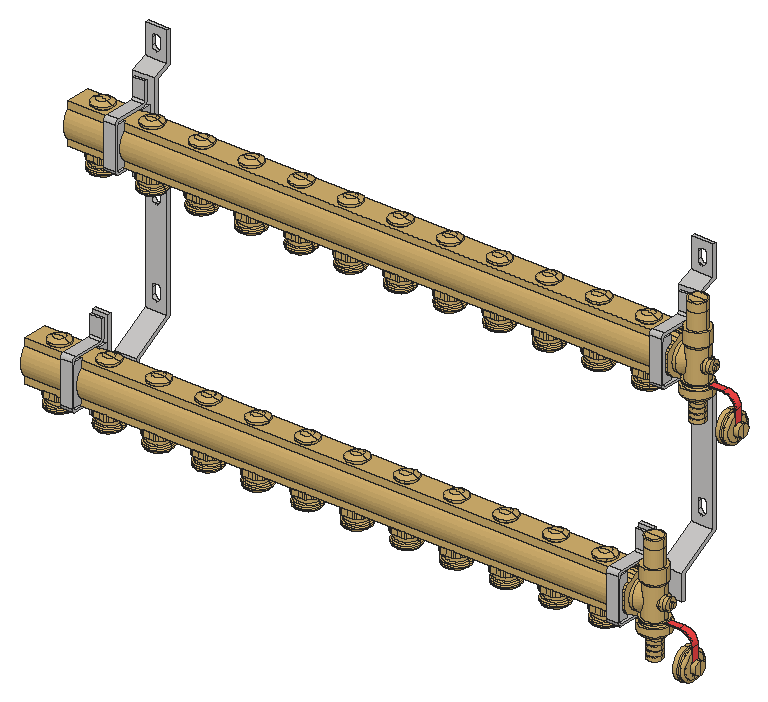
Revit family "Manifold FHF-B_2-12_RFA", category Pipe Accessories, Revit 2019 (continued)
Definition of nested family "_FHF-EA_EM"
  Automatic sketch dimensions
    plane 6 to Revolve 10 sketch curve = 0 mm  (x2)
    Revolve 10 sketch curve to plane 6 = 6 mm
    Revolve 10 sketch curve to Revolve 10 sketch curve = 2.522 mm
    Revolve 10 sketch curve to Revolve 10 sketch curve = 2.471 mm
    Revolve 10 sketch curve to Revolve 10 sketch curve = 0.522 mm
    Revolve 10 sketch curve to Revolve 10 sketch curve = 0.143 mm
    Revolve 10 sketch curve to Revolve 10 sketch curve = 10 mm
    Revolve 10 sketch curve to Revolve 10 sketch curve = 6.164 mm
    Revolve 10 sketch curve to Revolve 10 sketch curve = 5.813 mm
    Revolve 10 sketch curve to Revolve 10 sketch curve = 0.001 mm
    Revolve 10 sketch curve to Revolve 10 sketch curve = 0 mm  (x2)
    Revolve 11 sketch curve to level = 0 mm  (x2)
    plane 3 "Center (Left/Right)" to Revolve 11 sketch curve = 19.487 mm
    Revolve 11 sketch curve to Revolve 11 sketch curve = 4.111 mm
    Revolve 11 sketch curve to Revolve 11 sketch curve = 9.817 mm
    Revolve 11 sketch curve to Revolve 11 sketch curve = 11.642 mm
    Revolve 11 sketch curve to Revolve 11 sketch curve = 1.53 mm
    Revolve 11 sketch curve to Revolve 11 sketch curve = 4.1 mm
    Revolve 11 sketch curve to Revolve 11 sketch curve = 2.909 mm
    level to Revolve 11 sketch curve = 2.5 mm
    Revolve 11 sketch curve to Revolve 11 sketch curve = 3.5 mm
    level to Revolve 11 sketch curve = 7.53 mm
    Revolve 11 sketch curve to Revolve 11 sketch curve = 7.132 mm
    Revolve 11 sketch curve to Revolve 11 sketch curve = 0 mm  (x2)
    Revolve 12 sketch curve to level = 0 mm  (x2)
    Revolve 12 sketch curve to plane 3 "Center (Left/Right)" = 0 mm  (x2)
    level to Revolve 12 sketch curve = 1.109 mm
    plane 3 "Center (Left/Right)" to Revolve 12 sketch curve = 19.166 mm
    Revolve 12 sketch curve to Revolve 12 sketch curve = 0.32 mm
    Revolve 12 sketch curve to Revolve 12 sketch curve = 14.874 mm
    Revolve 12 sketch curve to Revolve 12 sketch curve = 0 mm
    plane 3 "Center (Left/Right)" to Revolve 13 sketch curve = 18.583 mm
    plane 3 "Center (Left/Right)" to Revolve 13 sketch curve = 19.532 mm
    Revolve 13 sketch curve to Revolve 13 sketch curve = 3.814 mm
    Revolve 13 sketch curve to Revolve 13 sketch curve = 7.283 mm
    Revolve 13 sketch curve to Revolve 13 sketch curve = 7.643 mm
    Revolve 13 sketch curve to Revolve 13 sketch curve = 10 mm
    level to Revolve 13 sketch curve = 29.7 mm
    Revolve 13 sketch curve to Revolve 13 sketch curve = 1.522 mm
    Revolve 13 sketch curve to Revolve 13 sketch curve = 0 mm  (x3)
    plane 6 to Revolve 14 sketch curve = 0 mm  (x2)
    Revolve 14 sketch curve to plane 6 = 6.04 mm
    Revolve 14 sketch curve to Revolve 14 sketch curve = 9.96 mm
    Revolve 14 sketch curve to Revolve 14 sketch curve = 8.745 mm
    Revolve 14 sketch curve to Revolve 14 sketch curve = 0 mm  (x2)
    Sweep 16 sketch curve to plane 6 = 18 mm
    Sweep 16 sketch curve to plane 6 = 5.032 mm
    Sweep 16 sketch curve to Sweep 16 sketch curve = 17.328 mm
    profile plane to Sweep 16 sketch curve = 1.008 mm  (x2)
    profile plane to Sweep 16 sketch curve = 0.008 mm
    profile plane to Sweep 16 sketch curve = 0.007 mm
    Sweep 16 sketch curve to plane 1 "Center (Front/Back)" = 3.534 mm
    plane 1 "Center (Front/Back)" to Sweep 16 sketch curve = 3.534 mm
    Revolve 17 sketch curve to level = 0 mm  (x2)
    Revolve 17 sketch curve to plane 3 "Center (Left/Right)" = 0 mm  (x2)
    level to Revolve 17 sketch curve = 1.109 mm
    plane 3 "Center (Left/Right)" to Revolve 17 sketch curve = 19.166 mm
    Revolve 17 sketch curve to Revolve 17 sketch curve = 0.32 mm
    Revolve 17 sketch curve to Revolve 17 sketch curve = 14.874 mm
    Revolve 17 sketch curve to Revolve 17 sketch curve = 0 mm
    plane 3 "Center (Left/Right)" to Revolve 18 sketch curve = 18.583 mm
    plane 3 "Center (Left/Right)" to Revolve 18 sketch curve = 19.532 mm
    Revolve 18 sketch curve to Revolve 18 sketch curve = 3.814 mm
    Revolve 18 sketch curve to Revolve 18 sketch curve = 7.283 mm
    Revolve 18 sketch curve to Revolve 18 sketch curve = 7.643 mm
    Revolve 18 sketch curve to Revolve 18 sketch curve = 10 mm
    level to Revolve 18 sketch curve = 29.7 mm
    Revolve 18 sketch curve to Revolve 18 sketch curve = 1.522 mm
    Revolve 18 sketch curve to Revolve 18 sketch curve = 0 mm  (x3)
    plane 6 to Revolve 19 sketch curve = 0 mm  (x2)
    Revolve 19 sketch curve to plane 6 = 6.04 mm
    Revolve 19 sketch curve to Revolve 19 sketch curve = 9.96 mm
    Revolve 19 sketch curve to Revolve 19 sketch curve = 6.255 mm
    Revolve 19 sketch curve to Revolve 19 sketch curve = 8.745 mm
    Revolve 19 sketch curve to Revolve 19 sketch curve = 0 mm  (x2)
    plane 3 "Center (Left/Right)" to Revolve 20 sketch curve = 19.532 mm
    Revolve 20 sketch curve to Revolve 20 sketch curve = 2.865 mm
    Revolve 20 sketch curve to Revolve 20 sketch curve = 7.283 mm
    Revolve 20 sketch curve to Revolve 20 sketch curve = 7.643 mm
    Revolve 20 sketch curve to Revolve 20 sketch curve = 10 mm
    Revolve 20 sketch curve to Revolve 20 sketch curve = 0 mm  (x3)
    Revolve 3 sketch curve to Revolve 3 sketch curve = 1.5 mm  (x2)
    level to Revolve 6 sketch curve = 69.25 mm
    Revolve 6 sketch curve to Revolve 6 sketch curve = 4.604 mm
    Revolve 6 sketch curve to Revolve 6 sketch curve = 1.346 mm
    Revolve 6 sketch curve to Revolve 6 sketch curve = 0.561 mm
    Revolve 13 sketch curve to Revolve 13 sketch curve = 44.478 mm
    Revolve 18 sketch curve to Revolve 18 sketch curve = 44.478 mm
    level to Revolve 20 sketch curve = 57.24 mm
    Revolve 3 sketch curve to level = 16.3 mm
    Revolve 3 sketch curve to Revolve 3 sketch curve = 1.025 mm
    Revolve 3 sketch curve to Revolve 3 sketch curve = 3.967 mm
    Revolve 3 sketch curve to Revolve 3 sketch curve = 0.908 mm
    Revolve 3 sketch curve to Revolve 3 sketch curve = 3.615 mm
    Revolve 3 sketch curve to Revolve 3 sketch curve = 0.45 mm
    Revolve 4 sketch curve to level = 47.3 mm
    Sweep 5 sketch curve to level = 29.268 mm
    Sweep 5 sketch curve to Sweep 5 sketch curve = 25 mm
    Revolve 10 sketch curve to level = 47.3 mm
    Revolve 13 sketch curve to level = 20.3 mm
    Revolve 13 sketch curve to Revolve 13 sketch curve = 23.5 mm
    Revolve 14 sketch curve to level = 47.3 mm
    Revolve 14 sketch curve to Revolve 14 sketch curve = 6.255 mm
    Sweep 16 sketch curve to level = 29.268 mm
    Sweep 16 sketch curve to Sweep 16 sketch curve = 25 mm
    Revolve 18 sketch curve to level = 20.3 mm
    Revolve 18 sketch curve to Revolve 18 sketch curve = 23.5 mm
    Revolve 19 sketch curve to level = 47.3 mm
    Revolve 20 sketch curve to level = 20.3 mm
    Revolve 20 sketch curve to Revolve 20 sketch curve = 23.5 mm
    Revolve 3 sketch curve to plane 8 = 0 mm
    Revolve 3 sketch curve to Revolve 3 sketch curve = 2.187 mm
    Revolve 3 sketch curve to Revolve 3 sketch curve = 13.266 mm
    Revolve 3 sketch curve to plane 7 = 0 mm
    Revolve 15 sketch curve to plane 7 = 0 mm  (x2)
    plane 3 "Center (Left/Right)" to Revolve 15 sketch curve = 19.515 mm
    Revolve 15 sketch curve to Revolve 15 sketch curve = 1.472 mm
    plane 3 "Center (Left/Right)" to Revolve 15 sketch curve = 22.284 mm
    Revolve 15 sketch curve to Revolve 15 sketch curve = 2.642 mm
    Revolve 15 sketch curve to Revolve 15 sketch curve = 3.019 mm  (x2)
    Revolve 15 sketch curve to Revolve 15 sketch curve = 2.645 mm
    Revolve 15 sketch curve to Revolve 15 sketch curve = 1.531 mm
    Revolve 15 sketch curve to Revolve 15 sketch curve = 3.229 mm
    Revolve 15 sketch curve to Revolve 15 sketch curve = 0.8 mm
    Revolve 15 sketch curve to Revolve 15 sketch curve = 4.308 mm
    Revolve 15 sketch curve to Revolve 15 sketch curve = 0.252 mm
    plane 7 to Revolve 15 sketch curve = 0.45 mm
    Revolve 15 sketch curve to Revolve 15 sketch curve = 0.082 mm
    Revolve 15 sketch curve to Revolve 15 sketch curve = 0.178 mm
    plane 7 to Revolve 15 sketch curve = 8.94 mm
    Revolve 15 sketch curve to Revolve 15 sketch curve = 0.105 mm
    plane 7 to Revolve 15 sketch curve = 9.965 mm
    Revolve 15 sketch curve to Revolve 15 sketch curve = 0.199 mm
    Revolve 15 sketch curve to Revolve 15 sketch curve = 0.21 mm
    plane 7 to Revolve 15 sketch curve = 4.973 mm
    Revolve 15 sketch curve to Revolve 15 sketch curve = 0.313 mm
    Revolve 15 sketch curve to Revolve 15 sketch curve = 1.061 mm
    Revolve 15 sketch curve to Revolve 15 sketch curve = 6.25 mm
    Revolve 15 sketch curve to Revolve 15 sketch curve = 0.908 mm
    Revolve 15 sketch curve to Revolve 15 sketch curve = 3.958 mm
    Revolve 15 sketch curve to Revolve 15 sketch curve = 1.08 mm
    Revolve 15 sketch curve to Revolve 15 sketch curve = 3.695 mm
    Revolve 15 sketch curve to Revolve 15 sketch curve = 4.803 mm
    Revolve 15 sketch curve to Revolve 15 sketch curve = 1.475 mm
    Revolve 15 sketch curve to Revolve 15 sketch curve = 1.52 mm
    Revolve 15 sketch curve to Revolve 15 sketch curve = 1 mm
    level to Revolve 15 sketch curve = 15.773 mm
    Revolve 15 sketch curve to plane 8 = 19.26 mm
    Revolve 15 sketch curve to Revolve 15 sketch curve = 0 mm  (x2)
    Revolve 15 sketch curve to Revolve 15 sketch curve = 8.24 mm
    Revolve 15 sketch curve to Revolve 15 sketch curve = 2.187 mm
    Revolve 15 sketch curve to Revolve 15 sketch curve = 13.266 mm
    Revolve 15 sketch curve to Revolve 15 sketch curve = 6.986 mm
Definition of nested family "_FHF-MB_RFA"
  Parameters (values of type "FHF-MB_088U0585")
    W = 85.5 mm
    Valve Body Material = none
    Model Type = "FHF-MB_Mounting brackets set"
    Model = "088U0585"
    Manufacturer = "Danfoss"  # constant formula
    LOD 350 [instance] = not(LOD 200)  # yes
    LOD 200 [instance] = no
    L [instance] = 550 mm
    IfcExportType = "FHF-MB"  # constant formula
    IfcExportAs = "IfcValveType"  # constant formula
    H = 342 mm
    Description = "Accessories for Manifolds"
  Reference planes
    plane 1 "Center (Front/Back)": y = 0
    plane 2: z = 0
    plane 3 "s": x = 0
    plane 4: x = 578.737
    plane 5: x = 14.697
    plane 6: x = 2.697
    plane 7: x = 673.959
    plane 8: x = 552.697
    plane 9: x = 547.947
    plane 10: x = 569.447
    plane 11: x = -22.303
    plane 12: x = -10.303
    plane 13: x = 539.697
    plane 14: x = 527.697
    plane 15: y = 1.109
    plane 16: y = -2.391
    plane 17: z = -257.811
    plane 18: z = 84.189
    plane 19: y = 40.109
    plane 20: y = -45.391
    plane 21 "Center (Left/Right)": x = 8.697
    plane 22 "right": x = 558.697
    plane 23: x = 564.697
  Forms (mm)
    Extrusion 1, solid, material <- "Valve Body Material"
      sketch origin (0, 0, 0) x (0, 1, 0) y (0, 0, 1)
        loop
          line (16.609, 28.189) -> (16.609, 46.189) -> (14.609, 46.189) -> (14.609, 28.189)
          arc (14.609, 28.189) -> (14.023, 26.775) -> (12.609, 26.189) r 2
          line (12.609, 26.189) -> (-18.391, 26.189)
          arc (-18.391, 26.189) -> (-21.219, 25.017) -> (-22.391, 22.189) r 4
          line (-22.391, 22.189) -> (-22.391, -19.811)
          arc (-22.391, -19.811) -> (-21.219, -22.639) -> (-18.391, -23.811) r 4
          line (-18.391, -23.811) -> (12.609, -23.811)
          arc (12.609, -23.811) -> (14.023, -24.397) -> (14.609, -25.811) r 2
          line (14.609, -25.811) -> (14.609, -43.811) -> (16.609, -43.811) -> (16.609, -25.811)
          arc (16.609, -25.811) -> (15.438, -22.983) -> (12.609, -21.811) r 4
          line (12.609, -21.811) -> (-18.391, -21.811)
          arc (-18.391, -21.811) -> (-19.992, -21.042) -> (-20.391, -19.311) r 2.05
          line (-20.391, -19.311) -> (-20.391, 21.689)
          arc (-20.391, 21.689) -> (-19.992, 23.42) -> (-18.391, 24.189) r 2.05
          line (-18.391, 24.189) -> (12.609, 24.189)
          arc (12.609, 24.189) -> (15.438, 25.361) -> (16.609, 28.189) r 4
      from 2.697 to 14.697
    Extrusion 2, solid, material <- "Valve Body Material"
      sketch origin (0, 0, 0) x (0, 1, 0) y (0, 0, 1)
        loop
          line (36.609, 84.189) -> (36.609, 54.013) -> (20.609, 48.189) -> (20.609, -45.811) -> (36.609, -51.634) -> (36.609, -173.334) -> (-2.391, -195.851) -> (-2.391, -221.811) -> (1.109, -221.811) -> (1.109, -197.872) -> (40.109, -175.355) -> (40.109, -49.184) -> (24.109, -43.36) -> (24.109, 45.738) -> (40.109, 51.562) -> (40.109, 84.189) -> (36.609, 84.189)
      from -2.053 to 19.447
    Extrusion 3, solid, material <- "Valve Body Material"
      sketch origin (0, 0, 0) x (0, 1, 0) y (0, 0, 1)
        loop
          line (-6.391, -184.811) -> (-6.391, -166.811) -> (-8.391, -166.811) -> (-8.391, -184.811)
          arc (-8.391, -184.811) -> (-8.977, -186.225) -> (-10.391, -186.811) r 2
          line (-10.391, -186.811) -> (-41.391, -186.811)
          arc (-41.391, -186.811) -> (-44.219, -187.983) -> (-45.391, -190.811) r 4
          line (-45.391, -190.811) -> (-45.391, -232.811)
          arc (-45.391, -232.811) -> (-44.219, -235.639) -> (-41.391, -236.811) r 4
          line (-41.391, -236.811) -> (-10.391, -236.811)
          arc (-10.391, -236.811) -> (-8.977, -237.397) -> (-8.391, -238.811) r 2
          line (-8.391, -238.811) -> (-8.391, -256.811) -> (-6.391, -256.811) -> (-6.391, -238.811)
          arc (-6.391, -238.811) -> (-7.562, -235.983) -> (-10.391, -234.811) r 4
          line (-10.391, -234.811) -> (-41.391, -234.811)
          arc (-41.391, -234.811) -> (-42.992, -234.042) -> (-43.391, -232.311) r 2.05
          line (-43.391, -232.311) -> (-43.391, -191.311)
          arc (-43.391, -191.311) -> (-42.992, -189.58) -> (-41.391, -188.811) r 2.05
          line (-41.391, -188.811) -> (-10.391, -188.811)
          arc (-10.391, -188.811) -> (-7.562, -187.639) -> (-6.391, -184.811) r 4
      from -22.303 to -10.303
    Extrusion 4, solid, material <- "Valve Body Material"
      sketch origin (0, 0, 0) x (1, 0, 0) y (0, 0, 1)
        loop
          line (-2.053, -201.811) -> (-9.553, -201.811) -> (-9.553, -165.811) -> (-24.553, -165.811) -> (-24.553, -257.811) -> (-8.553, -257.811) -> (-8.553, -221.811) -> (-2.053, -221.811) -> (-2.053, -201.811)
      from -1.109 to 2.391
    Extrusion 5, solid, material <- "Valve Body Material", visible <- "LOD 350"
      sketch origin (0, 0, 0) x (0, 1, 0) y (0, 0, 1)
        loop
          line (-2.391, -191.311) -> (-11.391, -191.311) -> (-11.391, -198.283)
          arc (-11.391, -198.283) -> (-5.61, -211.811) -> (-11.391, -225.339) r 18.718
          line (-11.391, -225.339) -> (-11.391, -232.311) -> (-2.391, -232.311) -> (-2.391, -191.311)
        loop
          line (-34.391, -191.311) -> (-43.391, -191.311) -> (-43.391, -232.311) -> (-34.391, -232.311) -> (-34.391, -225.339)
          arc (-34.391, -225.339) -> (-40.327, -211.811) -> (-34.391, -198.283) r 18.382
          line (-34.391, -198.283) -> (-34.391, -191.311)
      from -22.303 to -10.303
    Extrusion 6, solid, material <- "Valve Body Material", visible <- "LOD 350"
      sketch origin (0, 0, 0) x (0, 1, 0) y (0, 0, 1)
        loop
          line (20.609, 21.689) -> (11.609, 21.689) -> (11.609, 14.717)
          arc (11.609, 14.717) -> (17.39, 1.189) -> (11.609, -12.339) r 18.718
          line (11.609, -12.339) -> (11.609, -19.311) -> (20.609, -19.311) -> (20.609, 21.689)
        loop
          line (-11.391, 21.689) -> (-20.391, 21.689) -> (-20.391, -19.311) -> (-11.391, -19.311) -> (-11.391, -12.339)
          arc (-11.391, -12.339) -> (-17.327, 1.189) -> (-11.391, 14.717) r 18.382
          line (-11.391, 14.717) -> (-11.391, 21.689)
      from 2.697 to 14.697
    Extrusion 7, solid, material <- "Valve Body Material"
      sketch origin (0, 0, 0) x (0, 1, 0) y (0, 0, 1)
        loop
          line (16.609, 28.189) -> (16.609, 46.189) -> (14.609, 46.189) -> (14.609, 28.189)
          arc (14.609, 28.189) -> (14.023, 26.775) -> (12.609, 26.189) r 2
          line (12.609, 26.189) -> (-18.391, 26.189)
          arc (-18.391, 26.189) -> (-21.219, 25.017) -> (-22.391, 22.189) r 4
          line (-22.391, 22.189) -> (-22.391, -19.811)
          arc (-22.391, -19.811) -> (-21.219, -22.639) -> (-18.391, -23.811) r 4
          line (-18.391, -23.811) -> (12.609, -23.811)
          arc (12.609, -23.811) -> (14.023, -24.397) -> (14.609, -25.811) r 2
          line (14.609, -25.811) -> (14.609, -43.811) -> (16.609, -43.811) -> (16.609, -25.811)
          arc (16.609, -25.811) -> (15.438, -22.983) -> (12.609, -21.811) r 4
          line (12.609, -21.811) -> (-18.391, -21.811)
          arc (-18.391, -21.811) -> (-19.992, -21.042) -> (-20.391, -19.311) r 2.05
          line (-20.391, -19.311) -> (-20.391, 21.689)
          arc (-20.391, 21.689) -> (-19.992, 23.42) -> (-18.391, 24.189) r 2.05
          line (-18.391, 24.189) -> (12.609, 24.189)
          arc (12.609, 24.189) -> (15.438, 25.361) -> (16.609, 28.189) r 4
      from 552.697 to 564.697
    Extrusion 8, solid, material <- "Valve Body Material"
      sketch origin (0, 0, 0) x (0, 1, 0) y (0, 0, 1)
        loop
          line (36.609, 84.189) -> (36.609, 54.013) -> (20.609, 48.189) -> (20.609, -45.811) -> (36.609, -51.634) -> (36.609, -173.334) -> (-2.391, -195.851) -> (-2.391, -221.811) -> (1.109, -221.811) -> (1.109, -197.872) -> (40.109, -175.355) -> (40.109, -49.184) -> (24.109, -43.36) -> (24.109, 45.738) -> (40.109, 51.562) -> (40.109, 84.189) -> (36.609, 84.189)
      from 547.947 to 569.447
    Extrusion 9, solid, material <- "Valve Body Material", visible <- "LOD 350"
      sketch origin (0, 0, 0) x (0, 1, 0) y (0, 0, 1)
        loop
          line (20.609, 21.689) -> (11.609, 21.689) -> (11.609, 14.717)
          arc (11.609, 14.717) -> (17.39, 1.189) -> (11.609, -12.339) r 18.718
          line (11.609, -12.339) -> (11.609, -19.311) -> (20.609, -19.311) -> (20.609, 21.689)
        loop
          line (-11.391, 21.689) -> (-20.391, 21.689) -> (-20.391, -19.311) -> (-11.391, -19.311) -> (-11.391, -12.339)
          arc (-11.391, -12.339) -> (-17.327, 1.189) -> (-11.391, 14.717) r 18.382
          line (-11.391, 14.717) -> (-11.391, 21.689)
      from 564.697 to 552.697
    Extrusion 10, solid, material <- "Valve Body Material", visible <- "LOD 350"
      sketch origin (0, 0, 0) x (0, 1, 0) y (0, 0, 1)
        loop
          line (-2.391, -191.311) -> (-11.391, -191.311) -> (-11.391, -198.283)
          arc (-11.391, -198.283) -> (-5.61, -211.811) -> (-11.391, -225.339) r 18.718
          line (-11.391, -225.339) -> (-11.391, -232.311) -> (-2.391, -232.311) -> (-2.391, -191.311)
        loop
          line (-34.391, -191.311) -> (-43.391, -191.311) -> (-43.391, -232.311) -> (-34.391, -232.311) -> (-34.391, -225.339)
          arc (-34.391, -225.339) -> (-40.327, -211.811) -> (-34.391, -198.283) r 18.382
          line (-34.391, -198.283) -> (-34.391, -191.311)
      from 527.697 to 539.697
    Extrusion 11, solid, material <- "Valve Body Material"
      sketch origin (0, 0, 0) x (0, 1, 0) y (0, 0, 1)
        loop
          line (-6.391, -184.811) -> (-6.391, -166.811) -> (-8.391, -166.811) -> (-8.391, -184.811)
          arc (-8.391, -184.811) -> (-8.977, -186.225) -> (-10.391, -186.811) r 2
          line (-10.391, -186.811) -> (-41.391, -186.811)
          arc (-41.391, -186.811) -> (-44.219, -187.983) -> (-45.391, -190.811) r 4
          line (-45.391, -190.811) -> (-45.391, -232.811)
          arc (-45.391, -232.811) -> (-44.219, -235.639) -> (-41.391, -236.811) r 4
          line (-41.391, -236.811) -> (-10.391, -236.811)
          arc (-10.391, -236.811) -> (-8.977, -237.397) -> (-8.391, -238.811) r 2
          line (-8.391, -238.811) -> (-8.391, -256.811) -> (-6.391, -256.811) -> (-6.391, -238.811)
          arc (-6.391, -238.811) -> (-7.562, -235.983) -> (-10.391, -234.811) r 4
          line (-10.391, -234.811) -> (-41.391, -234.811)
          arc (-41.391, -234.811) -> (-42.992, -234.042) -> (-43.391, -232.311) r 2.05
          line (-43.391, -232.311) -> (-43.391, -191.311)
          arc (-43.391, -191.311) -> (-42.992, -189.58) -> (-41.391, -188.811) r 2.05
          line (-41.391, -188.811) -> (-10.391, -188.811)
          arc (-10.391, -188.811) -> (-7.562, -187.639) -> (-6.391, -184.811) r 4
      from 527.697 to 539.697
    Sweep 12, solid, material <- "Valve Body Material"
      path origin (0, 0, -213) x (0, -1, 0) y (1, 0, 0)
        loop
          line (-1.109, 578.737) -> (2.391, 578.737)
      profile origin (578.737, -0.641, -213) x (1, 0, 0) y (0, 0, 1)
        loop
          line (-38.291, 11.189) -> (-38.291, 47.189) -> (-53.291, 47.189) -> (-53.291, -44.811) -> (-37.291, -44.811) -> (-37.291, -8.811) -> (-30.791, -8.811) -> (-30.791, 11.189) -> (-38.291, 11.189)
    Extrusion 13, void
      sketch origin (0, 0, 0) x (1, 0, 0) y (0, 0, 1)
        loop
          line (4.447, 72.939) -> (4.447, 65.439)
          arc (4.447, 65.439) -> (8.697, 61.189) -> (12.947, 65.439) r 4.25
          line (12.947, 65.439) -> (12.947, 72.939)
          arc (12.947, 72.939) -> (8.697, 77.189) -> (4.447, 72.939) r 4.25
        loop
          line (4.447, -64.884) -> (4.447, -72.384)
          arc (4.447, -72.384) -> (8.697, -76.634) -> (12.947, -72.384) r 4.25
          line (12.947, -72.384) -> (12.947, -64.884)
          arc (12.947, -64.884) -> (8.697, -60.634) -> (4.447, -64.884) r 4.25
        loop
          line (4.447, -152.584) -> (4.447, -160.084)
          arc (4.447, -160.084) -> (8.697, -164.334) -> (12.947, -160.084) r 4.25
          line (12.947, -160.084) -> (12.947, -152.584)
          arc (12.947, -152.584) -> (8.697, -148.334) -> (4.447, -152.584) r 4.25
      from -68.107 to 34.391
    Sweep 14, void
      path origin (0, 0, -213) x (0, -1, 0) y (1, 0, 0)
        loop
          line (-46.109, 578.737) -> (63.891, 578.737)
      profile origin (578.737, -8.891, -213) x (1, 0, 0) y (0, 0, 1)
        loop
          line (-15.791, 278.439) -> (-15.791, 285.939)
          arc (-15.791, 285.939) -> (-20.041, 290.189) -> (-24.291, 285.939) r 4.25
          line (-24.291, 285.939) -> (-24.291, 278.439)
          arc (-24.291, 278.439) -> (-20.041, 274.189) -> (-15.791, 278.439) r 4.25
        loop
          line (-15.791, 140.616) -> (-15.791, 148.116)
          arc (-15.791, 148.116) -> (-20.041, 152.366) -> (-24.291, 148.116) r 4.25
          line (-24.291, 148.116) -> (-24.291, 140.616)
          arc (-24.291, 140.616) -> (-20.041, 136.366) -> (-15.791, 140.616) r 4.25
        loop
          line (-15.791, 52.916) -> (-15.791, 60.416)
          arc (-15.791, 60.416) -> (-20.041, 64.666) -> (-24.291, 60.416) r 4.25
          line (-24.291, 60.416) -> (-24.291, 52.916)
          arc (-24.291, 52.916) -> (-20.041, 48.666) -> (-15.791, 52.916) r 4.25
  Cuts and joins
    Extrusion 13 cuts Extrusion 2
    joined: Extrusion 2, Extrusion 4
    Sweep 14 cuts Extrusion 8
    Sweep 14 cuts Sweep 12
    joined: Extrusion 8, Sweep 12
  Dimensions and locks
    plane 4 to plane 10 to plane 22 "right" to plane 8 to plane 9 = 9.291 mm locked, 10.75 mm locked, 6 mm locked, 4.75 mm locked
    plane 4 to plane 13 to plane 14 = 39.041 mm locked, 12 mm locked
    plane 16 to plane 1 "Center (Front/Back)" to plane 15 = 2.391 mm locked, 1.109 mm locked
    "H": plane 18 to plane 17
    "W": plane 20 to plane 19
    "L": plane 21 "Center (Left/Right)" to plane 22 "right"
    locked: plane 8 to plane 23 at 12
    aligned and locked: level to plane 2
    aligned and locked: Extrusion 1 to plane 5
    aligned and locked: plane 6 to Extrusion 1
    aligned and locked: Extrusion 6 to plane 5
    aligned and locked: plane 6 to Extrusion 6
    aligned and locked: plane 8 to Extrusion 7
    aligned and locked: Extrusion 8 to plane 10
    aligned and locked: plane 9 to Extrusion 8
    aligned and locked: Extrusion 10 to plane 14
    aligned and locked: plane 13 to Extrusion 10
    aligned and locked: Extrusion 11 to plane 14
    aligned and locked: plane 13 to Extrusion 11
    aligned and locked: Extrusion 7 to plane 23
    aligned and locked: Extrusion 9 to plane 23
    aligned and locked: plane 8 to Extrusion 9
  Automatic sketch dimensions
    Extrusion 1 sketch curve to Extrusion 1 sketch curve = 0 mm  (x7)
    plane 1 "Center (Front/Back)" to Extrusion 1 sketch curve = 22.391 mm
    Extrusion 1 sketch curve to Extrusion 1 sketch curve = 2 mm  (x7)
    Extrusion 1 sketch curve to plane 1 "Center (Front/Back)" = 12.609 mm  (x2)
    Extrusion 1 sketch curve to Extrusion 1 sketch curve = 18 mm  (x2)
    Extrusion 1 sketch curve to Extrusion 1 sketch curve = 0.05 mm
    level to Extrusion 1 sketch curve = 21.689 mm
    Extrusion 1 sketch curve to Extrusion 1 sketch curve = 0.45 mm
    plane 1 "Center (Front/Back)" to Extrusion 2 sketch curve = 2.391 mm
    Extrusion 2 sketch curve to plane 1 "Center (Front/Back)" = 1.109 mm
    Extrusion 2 sketch curve to plane 1 "Center (Front/Back)" = 20.609 mm
    Extrusion 2 sketch curve to Extrusion 2 sketch curve = 3.5 mm  (x3)
    Extrusion 2 sketch curve to Extrusion 2 sketch curve = 12.5 mm
    Extrusion 2 sketch curve to plane 1 "Center (Front/Back)" = 36.609 mm
    Extrusion 2 sketch curve to Extrusion 2 sketch curve = 2.021 mm  (x2)
    Extrusion 2 sketch curve to Extrusion 2 sketch curve = 2.451 mm  (x4)
    level to Extrusion 2 sketch curve = 45.738 mm
    Extrusion 2 sketch curve to Extrusion 2 sketch curve = 5.824 mm  (x2)
    Extrusion 2 sketch curve to Extrusion 2 sketch curve = 30.176 mm
    Extrusion 3 sketch curve to Extrusion 3 sketch curve = 0 mm  (x7)
    plane 1 "Center (Front/Back)" to Extrusion 3 sketch curve = 45.391 mm
    Extrusion 3 sketch curve to Extrusion 3 sketch curve = 2 mm  (x7)
    plane 1 "Center (Front/Back)" to Extrusion 3 sketch curve = 10.391 mm  (x2)
    Extrusion 3 sketch curve to Extrusion 3 sketch curve = 18 mm  (x2)
    Extrusion 3 sketch curve to Extrusion 3 sketch curve = 0.05 mm
    Extrusion 3 sketch curve to level = 191.311 mm
    Extrusion 3 sketch curve to Extrusion 3 sketch curve = 0.45 mm
    plane 11 to Extrusion 4 sketch curve = 2.25 mm
    Extrusion 4 sketch curve to plane 12 = 0.75 mm
    Extrusion 4 sketch curve to plane 12 = 1.75 mm
    Extrusion 4 sketch curve to plane 3 "s" = 2.053 mm
    plane 1 "Center (Front/Back)" to Extrusion 5 sketch curve = 43.391 mm
    Extrusion 5 sketch curve to Extrusion 5 sketch curve = 9 mm  (x2)
    Extrusion 5 sketch curve to Extrusion 5 sketch curve = 10.063 mm
    Extrusion 5 sketch curve to Extrusion 5 sketch curve = 2.383 mm
    plane 1 "Center (Front/Back)" to Extrusion 5 sketch curve = 11.391 mm  (x2)
    plane 1 "Center (Front/Back)" to Extrusion 5 sketch curve = 2.391 mm
    Extrusion 5 sketch curve to Extrusion 5 sketch curve = 6.972 mm  (x4)
    plane 1 "Center (Front/Back)" to Extrusion 6 sketch curve = 20.391 mm
    Extrusion 6 sketch curve to Extrusion 6 sketch curve = 9 mm  (x2)
    Extrusion 6 sketch curve to Extrusion 6 sketch curve = 10.063 mm
    Extrusion 6 sketch curve to Extrusion 6 sketch curve = 2.383 mm
    Extrusion 6 sketch curve to plane 1 "Center (Front/Back)" = 11.609 mm  (x2)
    Extrusion 6 sketch curve to plane 1 "Center (Front/Back)" = 20.609 mm
    Extrusion 6 sketch curve to Extrusion 6 sketch curve = 6.972 mm  (x4)
    Extrusion 7 sketch curve to Extrusion 7 sketch curve = 0 mm  (x7)
    plane 1 "Center (Front/Back)" to Extrusion 7 sketch curve = 22.391 mm
    Extrusion 7 sketch curve to Extrusion 7 sketch curve = 2 mm  (x7)
    Extrusion 7 sketch curve to plane 1 "Center (Front/Back)" = 12.609 mm  (x2)
    Extrusion 7 sketch curve to Extrusion 7 sketch curve = 18 mm  (x2)
    Extrusion 7 sketch curve to Extrusion 7 sketch curve = 0.05 mm
    level to Extrusion 7 sketch curve = 21.689 mm
    Extrusion 7 sketch curve to Extrusion 7 sketch curve = 0.45 mm
    plane 1 "Center (Front/Back)" to Extrusion 8 sketch curve = 2.391 mm
    Extrusion 8 sketch curve to plane 1 "Center (Front/Back)" = 1.109 mm
    Extrusion 8 sketch curve to plane 1 "Center (Front/Back)" = 20.609 mm
    Extrusion 8 sketch curve to Extrusion 8 sketch curve = 3.5 mm  (x3)
    Extrusion 8 sketch curve to Extrusion 8 sketch curve = 12.5 mm
    Extrusion 8 sketch curve to plane 1 "Center (Front/Back)" = 36.609 mm
    Extrusion 8 sketch curve to Extrusion 8 sketch curve = 2.021 mm  (x2)
    Extrusion 8 sketch curve to Extrusion 8 sketch curve = 2.451 mm  (x4)
    level to Extrusion 8 sketch curve = 45.738 mm
    Extrusion 8 sketch curve to Extrusion 8 sketch curve = 5.824 mm  (x2)
    Extrusion 8 sketch curve to Extrusion 8 sketch curve = 30.176 mm
    plane 1 "Center (Front/Back)" to Extrusion 9 sketch curve = 20.391 mm
    Extrusion 9 sketch curve to Extrusion 9 sketch curve = 9 mm  (x3)
    plane 1 "Center (Front/Back)" to Extrusion 9 sketch curve = 1.328 mm
    Extrusion 9 sketch curve to plane 1 "Center (Front/Back)" = 1.055 mm
    Extrusion 9 sketch curve to plane 1 "Center (Front/Back)" = 11.609 mm  (x2)
    Extrusion 9 sketch curve to level = 19.311 mm  (x2)
    Extrusion 9 sketch curve to Extrusion 9 sketch curve = 6.972 mm  (x4)
    level to Extrusion 9 sketch curve = 1.189 mm  (x2)
    plane 1 "Center (Front/Back)" to Extrusion 10 sketch curve = 43.391 mm
    Extrusion 10 sketch curve to Extrusion 10 sketch curve = 9 mm  (x2)
    Extrusion 10 sketch curve to Extrusion 10 sketch curve = 10.063 mm
    Extrusion 10 sketch curve to Extrusion 10 sketch curve = 2.383 mm
    plane 1 "Center (Front/Back)" to Extrusion 10 sketch curve = 11.391 mm  (x2)
    plane 1 "Center (Front/Back)" to Extrusion 10 sketch curve = 2.391 mm
    Extrusion 10 sketch curve to Extrusion 10 sketch curve = 6.972 mm  (x4)
    Extrusion 11 sketch curve to Extrusion 11 sketch curve = 0 mm  (x8)
    plane 1 "Center (Front/Back)" to Extrusion 11 sketch curve = 45.391 mm
    Extrusion 11 sketch curve to Extrusion 11 sketch curve = 2 mm  (x7)
    plane 1 "Center (Front/Back)" to Extrusion 11 sketch curve = 10.391 mm  (x2)
    Extrusion 11 sketch curve to Extrusion 11 sketch curve = 18 mm  (x2)
    Extrusion 11 sketch curve to Extrusion 11 sketch curve = 0.05 mm
    Extrusion 11 sketch curve to Extrusion 11 sketch curve = 0.45 mm
    Sweep 12 sketch curve to plane 4 = 0 mm
    plane 15 to Sweep 12 sketch curve = 0 mm
    plane 16 to Sweep 12 sketch curve = 0 mm
    profile plane to Sweep 12 sketch curve = 53.291 mm
    Sweep 12 sketch curve to Sweep 12 sketch curve = 15 mm
    Sweep 12 sketch curve to Sweep 12 sketch curve = 16 mm
    Sweep 12 sketch curve to Sweep 12 sketch curve = 7.5 mm
    Sweep 12 sketch curve to Sweep 12 sketch curve = 36 mm
    Extrusion 13 sketch curve to plane 6 = 1.75 mm  (x3)
    Extrusion 13 sketch curve to Extrusion 13 sketch curve = 4.25 mm  (x3)
    Extrusion 13 sketch curve to Extrusion 13 sketch curve = 7.5 mm  (x3)
    level to Extrusion 13 sketch curve = 65.439 mm
    Sweep 14 sketch curve to plane 4 = 0 mm
    Sweep 14 sketch curve to plane 15 = 45 mm
    plane 16 to Sweep 14 sketch curve = 61.5 mm
    profile plane to Sweep 14 sketch curve = 24.291 mm  (x3)
    Sweep 14 sketch curve to Sweep 14 sketch curve = 4.25 mm  (x3)
    Sweep 14 sketch curve to Sweep 14 sketch curve = 7.5 mm  (x3)
    Sweep 14 sketch curve to Sweep 14 sketch curve = 80.2 mm
    Sweep 14 sketch curve to Sweep 14 sketch curve = 130.324 mm
    Extrusion 1 sketch curve to level = 19.311 mm
    Extrusion 2 sketch curve to level = 51.634 mm
    Extrusion 7 sketch curve to level = 19.311 mm
    Extrusion 8 sketch curve to level = 51.634 mm
    Extrusion 13 sketch curve to level = 72.384 mm
    Extrusion 2 sketch curve to plane 17 = 84.476 mm
    Extrusion 2 sketch curve to Extrusion 2 sketch curve = 22.517 mm
    Extrusion 2 sketch curve to Extrusion 2 sketch curve = 23.939 mm
    Extrusion 3 sketch curve to plane 17 = 25.5 mm
    Extrusion 4 sketch curve to plane 17 = 0 mm
    Extrusion 4 sketch curve to Extrusion 4 sketch curve = 36 mm  (x2)
    Extrusion 4 sketch curve to Extrusion 4 sketch curve = 20 mm
    Extrusion 5 sketch curve to plane 17 = 25.5 mm  (x2)
    Extrusion 5 sketch curve to Extrusion 5 sketch curve = 13.528 mm
    Extrusion 5 sketch curve to Extrusion 5 sketch curve = 0 mm
    Extrusion 6 sketch curve to level = 19.311 mm  (x2)
    level to Extrusion 6 sketch curve = 1.189 mm  (x2)
    Extrusion 8 sketch curve to plane 17 = 84.476 mm
    Extrusion 8 sketch curve to Extrusion 8 sketch curve = 22.517 mm
    Extrusion 8 sketch curve to Extrusion 8 sketch curve = 23.939 mm
    Extrusion 10 sketch curve to plane 17 = 25.5 mm  (x2)
    Extrusion 10 sketch curve to Extrusion 10 sketch curve = 13.528 mm
    Extrusion 10 sketch curve to Extrusion 10 sketch curve = 0 mm
    Extrusion 11 sketch curve to plane 17 = 1 mm
    Extrusion 11 sketch curve to Extrusion 11 sketch curve = 41 mm
    Sweep 12 sketch curve to profile plane = 44.811 mm
    Sweep 12 sketch curve to profile plane = 8.811 mm
    profile plane to Sweep 12 sketch curve = 11.189 mm
    Extrusion 13 sketch curve to Extrusion 13 sketch curve = 80.2 mm
    profile plane to Sweep 14 sketch curve = 52.916 mm
Definition of nested family "FHF-B Symbol"
  Parameters (values of type "FHF-B Symbol")
    z [instance] = Offset Z + 1000 mm  # 1213 mm
    y [instance] = Offset Y + 500 mm  # 523 mm
    x [instance] = Offset X + 1000 mm  # 1025 mm
    Offset Y [instance] = 23 mm
    Offset X [instance] = 25 mm
    length [instance] = 600 mm
    Number of Circuits [instance] = 11
    Offset Z [instance] = 213 mm
    L [instance] = length + 50 mm  # 650 mm
  Reference planes
    plane 1 "Center (Front/Back)": y = 0
    plane 2: z = 0
    plane 3 "Center (Left/Right)": x = 0
    plane 4: x = 650
    plane 5 "bottom manifold": y = -23
    plane 6: z = -213
    plane 7 "right bottom length": x = 625
    plane 8: x = 25
    plane 9: x = 0
    plane 10 "left bottom length": x = -25
    plane 11: x = 625
    plane 12: x = 600
    plane 13: y = 23
    plane 14: y = 500
    plane 15: x = 1000
    plane 16: z = 1000
    plane 17: z = -233
  Lines and regions (mm)
    model lines
      curve 1: line (0, 0, -20) -> (0, 0, 20)
      curve 2: line (0, 0, 20) -> (650, 0, 20)
      curve 3: line (650, 0, 20) -> (650, 0, -20)
      curve 4: line (650, 0, -20) -> (0, 0, -20)
      curve 5: line (0, -23, -233) -> (0, -23, -263)
      curve 6: line (0, -23, -263) -> (15, -23, -263)
      curve 7: line (0, -23, -263) -> (-15, -23, -263)
      curve 8: line (0, -23, -314.962) -> (0, -23, -332.462)
      curve 9: line (25, 0, -20) -> (25, 0, -50)
      curve 10: line (25, 0, -50) -> (40, 0, -50)
      curve 11: line (25, 0, -50) -> (10, 0, -50)
      curve 12: line (10, 0, -50) -> (40, 0, -101.962)
      curve 13: line (40, 0, -50) -> (10, 0, -101.962)
      curve 14: line (10, 0, -101.962) -> (40, 0, -101.962)
      curve 15: line (25, 0, -101.962) -> (25, 0, -116.962)
      curve 16: line (-25, -23, -193) -> (625, -23, -193)
      curve 17: line (625, -23, -193) -> (625, -23, -233)
      curve 18: line (625, -23, -233) -> (-25, -23, -233)
      curve 19: line (-25, -23, -233) -> (-25, -23, -193)
      curve 20: line (75, 0, -20) -> (75, 0, -50)
      curve 21: line (75, 0, -50) -> (90, 0, -50)
      curve 22: line (75, 0, -50) -> (60, 0, -50)
      curve 23: line (60, 0, -50) -> (90, 0, -101.962)
      curve 24: line (90, 0, -50) -> (60, 0, -101.962)
      curve 25: line (60, 0, -101.962) -> (90, 0, -101.962)
      curve 26: line (75, 0, -101.962) -> (75, 0, -116.962)
      curve 27: line (125, 0, -20) -> (125, 0, -50)
      curve 28: line (125, 0, -50) -> (140, 0, -50)
      curve 29: line (125, 0, -50) -> (110, 0, -50)
      curve 30: line (110, 0, -50) -> (140, 0, -101.962)
      curve 31: line (140, 0, -50) -> (110, 0, -101.962)
      curve 32: line (110, 0, -101.962) -> (140, 0, -101.962)
      curve 33: line (125, 0, -101.962) -> (125, 0, -116.962)
      curve 38: line (175, 0, -20) -> (175, 0, -50)
      curve 39: line (175, 0, -50) -> (190, 0, -50)
      curve 40: line (175, 0, -50) -> (160, 0, -50)
      curve 41: line (160, 0, -50) -> (190, 0, -101.962)
      curve 42: line (190, 0, -50) -> (160, 0, -101.962)
      curve 43: line (160, 0, -101.962) -> (190, 0, -101.962)
      curve 44: line (175, 0, -101.962) -> (175, 0, -116.962)
      curve 45: line (600, -23, -193) -> (600, -23, -173)
      curve 46: line (600, -23, -233) -> (600, -23, -293)
      curve 47: line (610, -23, -293) -> (590, -23, -293)
      curve 48: line (590, -23, -293) -> (600, -23, -310.321)
      curve 49: line (610, -23, -293) -> (600, -23, -310.321)
      curve 50: line (590, -23, -173) -> (610, -23, -173)
      curve 51: line (610, -23, -173) -> (600, -23, -155.679)
      curve 52: line (590, -23, -173) -> (600, -23, -155.679)
      curve 53: line (-15, -23, -263) -> (15, -23, -314.962)
      curve 54: line (15, -23, -263) -> (-15, -23, -314.962)
      curve 55: line (0, -23, -314.962) -> (-15, -23, -314.962)
      curve 56: line (0, -23, -314.962) -> (15, -23, -314.962)
      curve 57: line (50, -23, -233) -> (50, -23, -263)
      curve 58: line (50, -23, -263) -> (65, -23, -263)
      curve 59: line (50, -23, -263) -> (35, -23, -263)
      curve 60: line (50, -23, -314.962) -> (50, -23, -332.462)
      curve 61: line (35, -23, -263) -> (65, -23, -314.962)
      curve 62: line (65, -23, -263) -> (35, -23, -314.962)
      curve 63: line (50, -23, -314.962) -> (35, -23, -314.962)
      curve 64: line (50, -23, -314.962) -> (65, -23, -314.962)
      curve 65: line (100, -23, -233) -> (100, -23, -263)
      curve 66: line (100, -23, -263) -> (115, -23, -263)
      curve 67: line (100, -23, -263) -> (85, -23, -263)
      curve 68: line (100, -23, -314.962) -> (100, -23, -332.462)
      curve 69: line (85, -23, -263) -> (115, -23, -314.962)
      curve 70: line (115, -23, -263) -> (85, -23, -314.962)
      curve 71: line (100, -23, -314.962) -> (85, -23, -314.962)
      curve 72: line (100, -23, -314.962) -> (115, -23, -314.962)
      curve 73: line (150, -23, -233) -> (150, -23, -263)
      curve 74: line (150, -23, -263) -> (165, -23, -263)
      curve 75: line (150, -23, -263) -> (135, -23, -263)
      curve 76: line (150, -23, -314.962) -> (150, -23, -332.462)
      curve 77: line (135, -23, -263) -> (165, -23, -314.962)
      curve 78: line (165, -23, -263) -> (135, -23, -314.962)
      curve 79: line (150, -23, -314.962) -> (135, -23, -314.962)
      curve 80: line (150, -23, -314.962) -> (165, -23, -314.962)
      curve 83: line (625, 0, 20) -> (625, 0, 40)
      curve 84: line (615, 0, 40) -> (635, 0, 40)
      curve 85: line (635, 0, 40) -> (625, 0, 57.321)
      curve 86: line (615, 0, 40) -> (625, 0, 57.321)
      curve 87: line (625, 0, -20) -> (625, 0, -120)
      curve 88: line (635, 0, -120) -> (615, 0, -120)
      curve 89: line (615, 0, -120) -> (625, 0, -137.321)
      curve 90: line (635, 0, -120) -> (625, 0, -137.321)
      curve 91: line (225, 0, -20) -> (225, 0, -50)
      curve 92: line (225, 0, -50) -> (240, 0, -50)
      curve 93: line (225, 0, -50) -> (210, 0, -50)
      curve 94: line (210, 0, -50) -> (240, 0, -101.962)
      curve 95: line (240, 0, -50) -> (210, 0, -101.962)
      curve 96: line (210, 0, -101.962) -> (240, 0, -101.962)
      curve 97: line (225, 0, -101.962) -> (225, 0, -116.962)
      curve 98: line (275, 0, -20) -> (275, 0, -50)
      curve 99: line (275, 0, -50) -> (290, 0, -50)
      curve 100: line (275, 0, -50) -> (260, 0, -50)
      curve 101: line (260, 0, -50) -> (290, 0, -101.962)
      curve 102: line (290, 0, -50) -> (260, 0, -101.962)
      curve 103: line (260, 0, -101.962) -> (290, 0, -101.962)
      curve 104: line (275, 0, -101.962) -> (275, 0, -116.962)
      curve 105: line (325, 0, -20) -> (325, 0, -50)
      curve 106: line (325, 0, -50) -> (340, 0, -50)
      curve 107: line (325, 0, -50) -> (310, 0, -50)
      curve 108: line (310, 0, -50) -> (340, 0, -101.962)
      curve 109: line (340, 0, -50) -> (310, 0, -101.962)
      curve 110: line (310, 0, -101.962) -> (340, 0, -101.962)
      curve 111: line (325, 0, -101.962) -> (325, 0, -116.962)
      curve 112: line (375, 0, -20) -> (375, 0, -50)
      curve 113: line (375, 0, -50) -> (390, 0, -50)
      curve 114: line (375, 0, -50) -> (360, 0, -50)
      curve 115: line (360, 0, -50) -> (390, 0, -101.962)
      curve 116: line (390, 0, -50) -> (360, 0, -101.962)
      curve 117: line (360, 0, -101.962) -> (390, 0, -101.962)
      curve 118: line (375, 0, -101.962) -> (375, 0, -116.962)
      curve 119: line (425, 0, -20) -> (425, 0, -50)
      curve 120: line (425, 0, -50) -> (440, 0, -50)
      curve 121: line (425, 0, -50) -> (410, 0, -50)
      curve 122: line (410, 0, -50) -> (440, 0, -101.962)
      curve 123: line (440, 0, -50) -> (410, 0, -101.962)
      curve 124: line (410, 0, -101.962) -> (440, 0, -101.962)
      curve 125: line (425, 0, -101.962) -> (425, 0, -116.962)
      curve 126: line (475, 0, -20) -> (475, 0, -50)
      curve 127: line (475, 0, -50) -> (490, 0, -50)
      curve 128: line (475, 0, -50) -> (460, 0, -50)
      curve 129: line (460, 0, -50) -> (490, 0, -101.962)
      curve 130: line (490, 0, -50) -> (460, 0, -101.962)
      curve 131: line (460, 0, -101.962) -> (490, 0, -101.962)
      curve 132: line (475, 0, -101.962) -> (475, 0, -116.962)
      curve 133: line (525, 0, -20) -> (525, 0, -50)
      curve 134: line (525, 0, -50) -> (540, 0, -50)
      curve 135: line (525, 0, -50) -> (510, 0, -50)
      curve 136: line (510, 0, -50) -> (540, 0, -101.962)
      curve 137: line (540, 0, -50) -> (510, 0, -101.962)
      curve 138: line (510, 0, -101.962) -> (540, 0, -101.962)
      curve 139: line (525, 0, -101.962) -> (525, 0, -116.962)
      curve 140: line (200, -23, -233) -> (200, -23, -263)
      curve 141: line (200, -23, -263) -> (215, -23, -263)
      curve 142: line (200, -23, -263) -> (185, -23, -263)
      curve 143: line (200, -23, -314.962) -> (200, -23, -332.462)
      curve 144: line (185, -23, -263) -> (215, -23, -314.962)
      curve 145: line (215, -23, -263) -> (185, -23, -314.962)
      curve 146: line (200, -23, -314.962) -> (185, -23, -314.962)
      curve 147: line (200, -23, -314.962) -> (215, -23, -314.962)
      curve 148: line (250, -23, -233) -> (250, -23, -263)
      curve 149: line (250, -23, -263) -> (265, -23, -263)
      curve 150: line (250, -23, -263) -> (235, -23, -263)
      curve 151: line (250, -23, -314.962) -> (250, -23, -332.462)
      curve 152: line (235, -23, -263) -> (265, -23, -314.962)
      curve 153: line (265, -23, -263) -> (235, -23, -314.962)
      curve 154: line (250, -23, -314.962) -> (235, -23, -314.962)
      curve 155: line (250, -23, -314.962) -> (265, -23, -314.962)
      curve 156: line (300, -23, -233) -> (300, -23, -263)
      curve 157: line (300, -23, -263) -> (315, -23, -263)
      curve 158: line (300, -23, -263) -> (285, -23, -263)
      curve 159: line (300, -23, -314.962) -> (300, -23, -332.462)
      curve 160: line (285, -23, -263) -> (315, -23, -314.962)
      curve 161: line (315, -23, -263) -> (285, -23, -314.962)
      curve 162: line (300, -23, -314.962) -> (285, -23, -314.962)
      curve 163: line (300, -23, -314.962) -> (315, -23, -314.962)
      curve 164: line (350, -23, -233) -> (350, -23, -263)
      curve 165: line (350, -23, -263) -> (365, -23, -263)
      curve 166: line (350, -23, -263) -> (335, -23, -263)
      curve 167: line (350, -23, -314.962) -> (350, -23, -332.462)
      curve 168: line (335, -23, -263) -> (365, -23, -314.962)
      curve 169: line (365, -23, -263) -> (335, -23, -314.962)
      curve 170: line (350, -23, -314.962) -> (335, -23, -314.962)
      curve 171: line (350, -23, -314.962) -> (365, -23, -314.962)
      curve 172: line (400, -23, -233) -> (400, -23, -263)
      curve 173: line (400, -23, -263) -> (415, -23, -263)
      curve 174: line (400, -23, -263) -> (385, -23, -263)
      curve 175: line (400, -23, -314.962) -> (400, -23, -332.462)
      curve 176: line (385, -23, -263) -> (415, -23, -314.962)
      curve 177: line (415, -23, -263) -> (385, -23, -314.962)
      curve 178: line (400, -23, -314.962) -> (385, -23, -314.962)
      curve 179: line (400, -23, -314.962) -> (415, -23, -314.962)
      curve 180: line (450, -23, -233) -> (450, -23, -263)
      curve 181: line (450, -23, -263) -> (465, -23, -263)
      curve 182: line (450, -23, -263) -> (435, -23, -263)
      curve 183: line (450, -23, -314.962) -> (450, -23, -332.462)
      curve 184: line (435, -23, -263) -> (465, -23, -314.962)
      curve 185: line (465, -23, -263) -> (435, -23, -314.962)
      curve 186: line (450, -23, -314.962) -> (435, -23, -314.962)
      curve 187: line (450, -23, -314.962) -> (465, -23, -314.962)
      curve 188: line (500, -23, -233) -> (500, -23, -263)
      curve 189: line (500, -23, -263) -> (515, -23, -263)
      curve 190: line (500, -23, -263) -> (485, -23, -263)
      curve 191: line (500, -23, -314.962) -> (500, -23, -332.462)
      curve 192: line (485, -23, -263) -> (515, -23, -314.962)
      curve 193: line (515, -23, -263) -> (485, -23, -314.962)
      curve 194: line (500, -23, -314.962) -> (485, -23, -314.962)
      curve 195: line (500, -23, -314.962) -> (515, -23, -314.962)
    symbolic lines
      curve 34: line (0, -23, 0) -> (0, 23, 0)
      curve 35: line (0, 23, 0) -> (625, 23, 0)
      curve 36: line (625, 23, 0) -> (625, -23, 0)
      curve 37: line (625, -23, 0) -> (0, -23, 0)
      curve 81: line (0, 23, 0) -> (625, -23, 0)
      curve 82: line (625, 23, 0) -> (0, -23, 0)
  Dimensions and locks
    "L": plane 4 to plane 3 "Center (Left/Right)"
    locked: curve 2 to level at 20
    locked: level to curve 4 at 20
    locked: plane 8 to plane 3 "Center (Left/Right)" at 25
    locked: plane 6 to curve 6 at 50
    locked: curve 16 to plane 6 at 20
    locked: plane 6 to curve 18 at 20
    locked: plane 6 to curve 5 at 20
    locked: plane 2 to curve 10 at 50
    plane 2 to curve 14 = 101.962 mm
    locked: plane 2 to curve 9 at 20
    equal spacing: group 1, group 2, group 3, group 4, group 9, group 10, group 11, group 12, group 13, group 14, group 15  (x3)
    locked: plane 9 to plane 10 "left bottom length" at 25
    "L": plane 7 "right bottom length" to plane 10 "left bottom length"
    locked: plane 4 to plane 11 at 25
    locked: plane 7 "right bottom length" to plane 12 at 25
    locked: plane 12 to curve 52 at 10
    locked: curve 51 to plane 12 at 10
    locked: plane 12 to curve 48 at 10
    locked: curve 49 to plane 12 at 10
    locked: plane 6 to curve 56 at 101.962
    locked: plane 9 to curve 53 at 15
    locked: plane 9 to curve 55 at 15
    equal spacing: group 5, group 6, group 7, group 8, group 16, group 17, group 18, group 19, group 20, group 21, group 22  (x2)
    equal spacing: group 22, group 21, group 20, group 19, group 18, group 17, group 16, group 8, group 7, group 6, group 5
    locked: curve 5 to curve 57 at 50
    plane 1 "Center (Front/Back)" to plane 13 = 23 mm
    locked: plane 11 to curve 86 at 10
    locked: curve 85 to plane 11 at 10
    locked: plane 11 to curve 89 at 10
    locked: curve 90 to plane 11 at 10
    "y": plane 5 "bottom manifold" to plane 14
    "x": plane 15 to plane 10 "left bottom length"
    locked: plane 6 to plane 17 at 20
    "z": plane 16 to plane 6
    aligned and locked: level to plane 2
    aligned and locked: curve 17 to plane 7 "right bottom length"
    aligned and locked: plane 3 "Center (Left/Right)" to curve 34
    aligned and locked: plane 12 to curve 45
    aligned and locked: plane 12 to curve 49
    aligned and locked: curve 46 to plane 12
    aligned and locked: plane 12 to curve 52
    aligned and locked: plane 10 "left bottom length" to curve 19
    aligned and locked: plane 5 "bottom manifold" to curve 5
    aligned and locked: curve 37 to plane 5 "bottom manifold"
    aligned and locked: curve 35 to plane 13
    aligned and locked: curve 36 to plane 7 "right bottom length"
    aligned and locked: plane 11 to curve 83
    aligned and locked: curve 87 to plane 11
    aligned and locked: plane 5 "bottom manifold" to curve 57
    aligned and locked: plane 17 to curve 57
  Automatic sketch dimensions
    curve 11 to curve 14 = 0 mm
    curve 11 to curve 10 = 15 mm
    curve 14 to curve 14 = 30 mm
    curve 9 to curve 10 = 15 mm
    curve 13 to curve 11 = 51.962 mm
    curve 15 to curve 12 = 15 mm
    curve 15 to curve 15 = 15 mm
    curve 9 to curve 9 = 30 mm
    curve 22 to curve 25 = 0 mm
    curve 22 to curve 21 = 15 mm
    curve 25 to curve 25 = 30 mm
    curve 20 to curve 21 = 15 mm
    curve 24 to curve 22 = 51.962 mm
    curve 26 to curve 23 = 15 mm
    curve 26 to curve 26 = 15 mm
    curve 20 to curve 20 = 30 mm
    curve 29 to curve 32 = 0 mm
    curve 29 to curve 28 = 15 mm
    curve 32 to curve 32 = 30 mm
    curve 27 to curve 28 = 15 mm
    curve 31 to curve 29 = 51.962 mm
    curve 33 to curve 30 = 15 mm
    curve 33 to curve 33 = 15 mm
    curve 27 to curve 27 = 30 mm
    curve 40 to curve 43 = 0 mm
    curve 40 to curve 39 = 15 mm
    curve 43 to curve 43 = 30 mm
    curve 38 to curve 39 = 15 mm
    curve 42 to curve 40 = 51.962 mm
    curve 44 to curve 41 = 15 mm
    curve 44 to curve 44 = 15 mm
    curve 38 to curve 38 = 30 mm
    curve 6 to curve 5 = 15 mm
    curve 8 to curve 8 = 17.5 mm
    curve 5 to curve 5 = 30 mm  (x2)
    curve 57 to curve 57 = 30 mm
    curve 65 to curve 65 = 30 mm
    curve 73 to curve 73 = 30 mm
    curve 55 to curve 7 = 51.962 mm
    curve 53 to curve 6 = 15 mm
    curve 53 to curve 56 = 15 mm
    curve 55 to curve 55 = 15 mm
    curve 8 to curve 55 = 17.5 mm
    curve 54 to curve 6 = 15 mm
    curve 5 to curve 7 = 15 mm
    curve 63 to curve 59 = 51.962 mm
    curve 61 to curve 58 = 15 mm
    curve 61 to curve 64 = 15 mm
    curve 63 to curve 63 = 15 mm
    curve 60 to curve 63 = 17.5 mm
    curve 62 to curve 58 = 15 mm
    curve 57 to curve 59 = 15 mm
    curve 71 to curve 67 = 51.962 mm
    curve 69 to curve 66 = 15 mm
    curve 69 to curve 72 = 15 mm
    curve 71 to curve 71 = 15 mm
    curve 68 to curve 71 = 17.5 mm
    curve 70 to curve 66 = 15 mm
    curve 65 to curve 67 = 15 mm
    curve 79 to curve 75 = 51.962 mm
    curve 77 to curve 74 = 15 mm
    curve 77 to curve 80 = 15 mm
    curve 79 to curve 79 = 15 mm
    curve 76 to curve 79 = 17.5 mm
    curve 78 to curve 74 = 15 mm
    curve 73 to curve 75 = 15 mm
    curve 49 to curve 46 = 60 mm
    curve 49 to curve 46 = 17.321 mm
    curve 45 to curve 50 = 20 mm
    curve 45 to curve 52 = 17.321 mm
    curve 93 to curve 96 = 0 mm
    curve 93 to curve 92 = 15 mm
    curve 96 to curve 96 = 30 mm
    curve 91 to curve 92 = 15 mm
    curve 95 to curve 93 = 51.962 mm
    curve 97 to curve 94 = 15 mm
    curve 97 to curve 97 = 15 mm
    curve 91 to curve 91 = 30 mm
    curve 100 to curve 103 = 0 mm
    curve 100 to curve 99 = 15 mm
    curve 103 to curve 103 = 30 mm
    curve 98 to curve 99 = 15 mm
    curve 102 to curve 100 = 51.962 mm
    curve 104 to curve 101 = 15 mm
    curve 104 to curve 104 = 15 mm
    curve 98 to curve 98 = 30 mm
    curve 107 to curve 110 = 0 mm
    curve 107 to curve 106 = 15 mm
    curve 110 to curve 110 = 30 mm
    curve 105 to curve 106 = 15 mm
    curve 109 to curve 107 = 51.962 mm
    curve 111 to curve 108 = 15 mm
    curve 111 to curve 111 = 15 mm
    curve 105 to curve 105 = 30 mm
    curve 114 to curve 117 = 0 mm
    curve 114 to curve 113 = 15 mm
    curve 117 to curve 117 = 30 mm
    curve 112 to curve 113 = 15 mm
    curve 116 to curve 114 = 51.962 mm
    curve 118 to curve 115 = 15 mm
    curve 118 to curve 118 = 15 mm
    curve 112 to curve 112 = 30 mm
    curve 121 to curve 124 = 0 mm
    curve 121 to curve 120 = 15 mm
    curve 124 to curve 124 = 30 mm
    curve 119 to curve 120 = 15 mm
    curve 123 to curve 121 = 51.962 mm
    curve 125 to curve 122 = 15 mm
    curve 125 to curve 125 = 15 mm
    curve 119 to curve 119 = 30 mm
    curve 128 to curve 131 = 0 mm
    curve 128 to curve 127 = 15 mm
    curve 131 to curve 131 = 30 mm
    curve 126 to curve 127 = 15 mm
    curve 130 to curve 128 = 51.962 mm
    curve 132 to curve 129 = 15 mm
    curve 132 to curve 132 = 15 mm
    curve 126 to curve 126 = 30 mm
    curve 135 to curve 138 = 0 mm
    curve 135 to curve 134 = 15 mm
    curve 138 to curve 138 = 30 mm
    curve 133 to curve 134 = 15 mm
    curve 137 to curve 135 = 51.962 mm
    curve 139 to curve 136 = 15 mm
    curve 139 to curve 139 = 15 mm
    curve 133 to curve 133 = 30 mm
    curve 140 to curve 140 = 30 mm
    curve 146 to curve 142 = 51.962 mm
    curve 144 to curve 141 = 15 mm
    curve 144 to curve 147 = 15 mm
    curve 146 to curve 146 = 15 mm
    curve 143 to curve 146 = 17.5 mm
    curve 145 to curve 141 = 15 mm
    curve 140 to curve 142 = 15 mm
    curve 148 to curve 148 = 30 mm
    curve 154 to curve 150 = 51.962 mm
    curve 152 to curve 149 = 15 mm
    curve 152 to curve 155 = 15 mm
    curve 154 to curve 154 = 15 mm
    curve 151 to curve 154 = 17.5 mm
    curve 153 to curve 149 = 15 mm
    curve 148 to curve 150 = 15 mm
    curve 156 to curve 156 = 30 mm
    curve 162 to curve 158 = 51.962 mm
    curve 160 to curve 157 = 15 mm
    curve 160 to curve 163 = 15 mm
    curve 162 to curve 162 = 15 mm
    curve 159 to curve 162 = 17.5 mm
    curve 161 to curve 157 = 15 mm
    curve 156 to curve 158 = 15 mm
    curve 164 to curve 164 = 30 mm
    curve 170 to curve 166 = 51.962 mm
    curve 168 to curve 165 = 15 mm
    curve 168 to curve 171 = 15 mm
    curve 170 to curve 170 = 15 mm
    curve 167 to curve 170 = 17.5 mm
    curve 169 to curve 165 = 15 mm
    curve 164 to curve 166 = 15 mm
    curve 172 to curve 172 = 30 mm
    curve 178 to curve 174 = 51.962 mm
    curve 176 to curve 173 = 15 mm
    curve 176 to curve 179 = 15 mm
    curve 178 to curve 178 = 15 mm
    curve 175 to curve 178 = 17.5 mm
    curve 177 to curve 173 = 15 mm
    curve 172 to curve 174 = 15 mm
    curve 180 to curve 180 = 30 mm
    curve 186 to curve 182 = 51.962 mm
    curve 184 to curve 181 = 15 mm
    curve 184 to curve 187 = 15 mm
    curve 186 to curve 186 = 15 mm
    curve 183 to curve 186 = 17.5 mm
    curve 185 to curve 181 = 15 mm
    curve 180 to curve 182 = 15 mm
    curve 188 to curve 188 = 30 mm
    curve 194 to curve 190 = 51.962 mm
    curve 192 to curve 189 = 15 mm
    curve 192 to curve 195 = 15 mm
    curve 194 to curve 194 = 15 mm
    curve 191 to curve 194 = 17.5 mm
    curve 193 to curve 189 = 15 mm
    curve 188 to curve 190 = 15 mm
    curve 1 to plane 3 "Center (Left/Right)" = 0 mm
    plane 11 to curve 90 = 0 mm
    curve 85 to plane 11 = 0 mm
    curve 2 to plane 4 = 0 mm
    curve 88 to curve 87 = 100 mm
    curve 83 to curve 84 = 20 mm
    curve 83 to curve 85 = 17.321 mm
    curve 90 to curve 87 = 17.321 mm
Types (11, lengths in mm): name | Number of Circuits | Model Type | Model | Length | L1 | L bracket | L
  Manifold FHF-B_2+2_088U0542 | 2 | "Manifold FHF-B_2+2" | "088U0542" | 100 | 111 | 50 | 170
  Manifold FHF-B_12+12_088U0552 | 12 | "Manifold FHF-B_12+12" | "088U0552" | 600 | 611 | 550 | 670
  Manifold FHF-B_3+3_088U0543 | 3 | "Manifold FHF-B_3+3" | "088U0543" | 150 | 161 | 100 | 220
  Manifold FHF-B_4+4_088U0544 | 4 | "Manifold FHF-B_4+4" | "088U0544" | 200 | 211 | 150 | 270
  Manifold FHF-B_5+5_088U0545 | 5 | "Manifold FHF-B_5+5" | "088U0545" | 250 | 261 | 200 | 320
  Manifold FHF-B_6+6_088U0546 | 6 | "Manifold FHF-B_6+6" | "088U0546" | 300 | 311 | 250 | 370
  Manifold FHF-B_7+7_088U0547 | 7 | "Manifold FHF-B_7+7" | "088U0547" | 350 | 361 | 300 | 420
  Manifold FHF-B_8+8_088U0548 | 8 | "Manifold FHF-B_8+8" | "088U0548" | 400 | 411 | 350 | 470
  Manifold FHF-B_9+9_088U0549 | 9 | "Manifold FHF-B_9+9" | "088U0549" | 450 | 461 | 400 | 520
  Manifold FHF-B_10+10_088U0550 | 10 | "Manifold FHF-B_10+10" | "088U0550" | 500 | 511 | 450 | 570
  Manifold FHF-B_11+11_088U0551 | 11 | "Manifold FHF-B_11+11" | "088U0551" | 550 | 561 | 500 | 620
